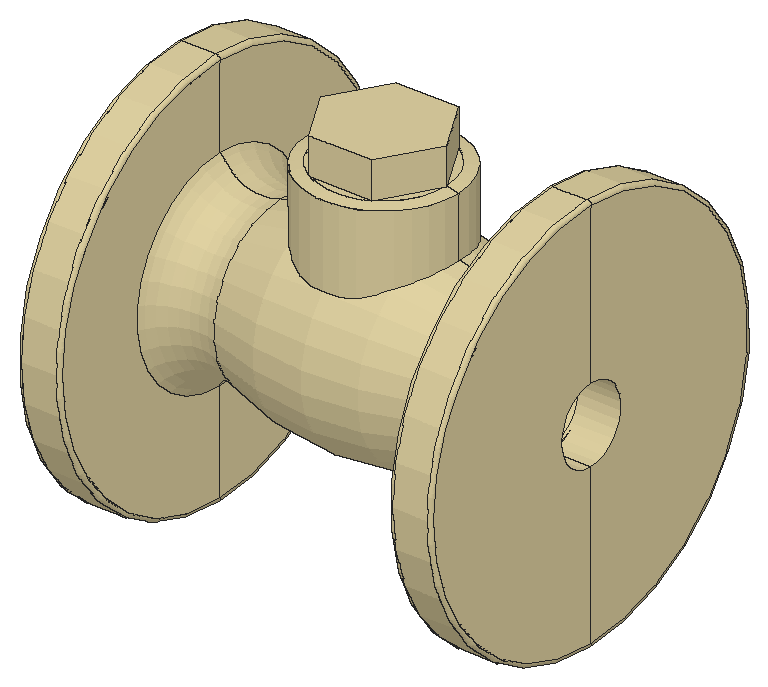
Revit family "DA04320000", category Apparecchi idraulici, Revit 2020
Family settings
  Quota connettore circolare = Usa diametro
  Tipo di parte = Normale
  Numero OmniClass = 23.45.00.00
  Titolo OmniClass = Sanitary, Laundry, and Cleaning Equipment
  Basato su piano di lavoro = No
  Sempre verticale = Sì
  Taglio con vuoti quando caricato = No
  Condiviso = No
  Punto di calcolo locali = No
Parameters
  URL = "https://web.cimberio.com/index.php/figura/681?subcategoria_id=35"
  Temperatura di esercizio = "-10 ÷ 170°C"
  Prospetto di default = 0 mm
  Produttore = "CIMBERIO SPA"
  Pressione nominale = "PN 16"
  Modello = "Cim 77PN16"
  Materiale = "Prodotto in lega di bronzo conforme alla norma EN 1982-CC491K"
  Descrizione = "Utilizzato nei più svariati settori dell'impiantistica in condutture anti-ritorno per: reti di distribuzione acqua potabile, impianti di riscaldamento, condizionamento, igienico-sanitari e distribuzione idrocarburi"
  DN Model [instance] = DA04323110 : DA04323110
  DN [instance] = 15 mm
  Commenti sul tipo = "Realizzato in ottemperanza ai requisiti gestionali della norma EN ISO 9001.\r\nCollaudato al 100% secondo la normativa EN 12266-1"
Reference planes
  plane 1 "Centro (Fronte/Retro)": y = 0
  plane 2: z = 0
  plane 3 "Centro (Sinistra/Destra)": x = 0
Dimensions and locks
  aligned and locked: level to plane 2
Nested families
  nested 1: "DA04323110" at (0, 0, 0), type <- "DN Model", type "DA04323110"
  nested 2: "DA04323110" at (0, 0, 0), type <- "DN Model", type "DA04323110"
  nested 3: "DA04323110" at (0, 0, 0), type <- "DN Model", type "DA04323110"
  nested 4: "DA04323110" at (0, 0, 0), type <- "DN Model", type "DA04323110"
  nested 5: "DA04323110" at (0, 0, 0), type <- "DN Model", type "DA04323110"
  nested 6: "DA04323110" at (0, 0, 0), type <- "DN Model", type "DA04323110"
  nested 7: "DA04323110" at (0, 0, 0), type <- "DN Model", type "DA04323110"
  nested 8: "DA04323110" at (0, 0, 0), type <- "DN Model", type "DA04323110"
  nested 9: "DA04323110" at (0, 0, 0), type <- "DN Model", type "DA04323110"
Connectors
  piping at (41.407, 0, 0), diameter 15, driven by "DN"
    settings: on nested 1, index 1, connector inside diameter 609.6 mm, connector length 0 mm, flow factor 0, pipe flow 0.0 L/s, pressure drop 0.0 Pa, fitting loss kfactor 0, connector angle 0.00°, fixture units 0, engagement length 0 mm, angle of deflection 0.00°, flow configuration 0, flow direction 0, fitting loss method 0, system type 7, joint type 0, gender type 0, connector reference index -1, connector utility 0, adjustable connector no, is connector primary yes, connector description ""
  piping at (-41.232, 0, 0), diameter 15, driven by "DN"
    settings: on nested 1, index 2, connector inside diameter 609.6 mm, connector length 0 mm, flow factor 0, pipe flow 0.0 L/s, pressure drop 0.0 Pa, fitting loss kfactor 0, connector angle 0.00°, fixture units 0, engagement length 0 mm, angle of deflection 0.00°, flow configuration 0, flow direction 0, fitting loss method 0, system type 7, joint type 0, gender type 0, connector reference index -1, connector utility 0, adjustable connector no, is connector primary no, connector description ""
Definition of nested family "DA04323110"
  Parameters (values of type "DA04313110")
    Default Elevation = 0 mm
  Reference planes
    plane 1 "Centro (Fronte/Retro)": y = 0
    plane 2: z = 0
    plane 3 "Centro (Sinistra/Destra)": x = 0
  Forms (mm)
    Revolve 1, solid
      sketch origin (0, 0, 0) x (1, 0, 0) y (0, 0, 1)
        loop
          line (33.343, -7.5) -> (-32.983, -7.5) -> (-32.983, -19.288)
          arc (-32.983, -19.288) -> (-27.734, -14.585) -> (-20.687, -14.614) r 9.811
          arc (-20.687, -14.614) -> (0, -18.5) -> (20.687, -14.614) r 57
          arc (20.687, -14.614) -> (28.136, -14.748) -> (33.343, -20.077) r 9.811
          line (33.343, -20.077) -> (33.343, -7.5)
        axis (-32.983, 2) -> (33.343, 2)
      angle from 0 to 360
    Revolve 2, solid
      sketch origin (0, 0, 0) x (1, 0, 0) y (0, 0, 1)
        loop
          line (-15, 4.172) -> (0, 4.172) -> (0, 32.573) -> (-12.5, 32.573) -> (-15, 32.132) -> (-15, 4.172)
        axis (0, 32.573) -> (0, 4.172)
      angle from 0 to 360
    Extrusion 3, solid
      sketch origin (0, 0, 0) x (0, -1, 0) y (1, 0, 0)
        loop
          line (0, 12.5) -> (-10.825, 6.25) -> (-10.825, -6.25) -> (0, -12.5) -> (10.825, -6.25) -> (10.825, 6.25) -> (0, 12.5)
      from 32.132 to 39.804
    Revolve 4, solid
      sketch origin (-6.732, 0, 0) x (1, 0, 0) y (0, 0, 1)
        loop
          line (-34.5, 39.192) -> (-34.5, 7.5) -> (-26, 7.5) -> (-26, 39.165)
          arc (-26, 39.165) -> (-26.244, 39.756) -> (-26.835, 40) r 0.835
          line (-26.835, 40) -> (-33.692, 40)
          arc (-33.692, 40) -> (-34.263, 39.763) -> (-34.5, 39.192) r 0.808
        axis (-34.5, 0) -> (-26, 0)
      angle from 0 to 360
    Revolve 5, solid
      sketch origin (6.907, 0, 0) x (-1, 0, 0) y (0, 0, 1)
        loop
          line (-34.5, 39.192) -> (-34.5, 7.5) -> (-26, 7.5) -> (-26, 39.165)
          arc (-26, 39.165) -> (-26.244, 39.756) -> (-26.835, 40) r 0.835
          line (-26.835, 40) -> (-33.692, 40)
          arc (-33.692, 40) -> (-34.263, 39.763) -> (-34.5, 39.192) r 0.808
        axis (-34.5, 0) -> (-26, 0)
      angle from 0 to 360
  Dimensions and locks
    aligned and locked: level to plane 2
